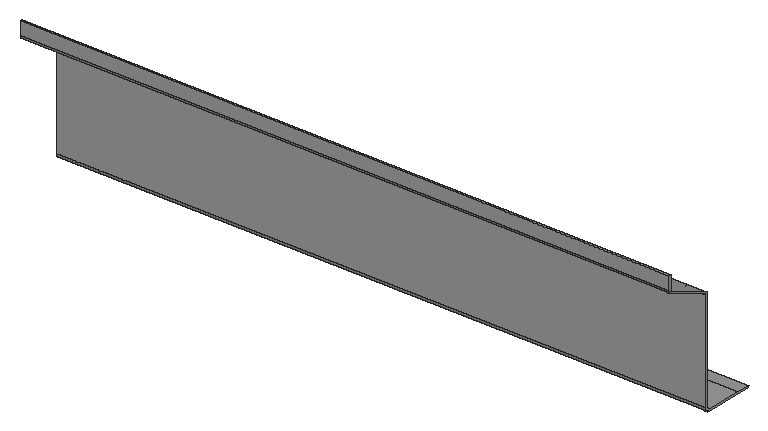
Revit family "TK 90", category Generic Models, Revit 2014
Parameters (values of type "Max lintel length 4800mm")
  URL = "http://www.keystonelintels.co.uk"
  Structural Opening [instance] = 900 mm
  Structural Performance = "The Keystone lintel range has safe working loads as detailed in each applicable loading table in the Keystone Lintel Guide brochure. The structural performance figures within each table have been ascertained by testing in accordance with the requirements of standards BS EN 5977-2: 1983 and BS EN 845-2: 2003."
  RIBA Productor Selector = "available for Keystone Lintels Ltd from Keystone Lintels Ltd from ribaproductselector.com"
  Model = "T/K 90"
  Min Length = 600 mm
  Min Clear Span = 300 mm
  Max Length = 4800 mm
  Max Clear Span = 4800 mm
  Material - Stainless Steel = "Grade 304 2b 1.4307 to BS EN 10088-2. Other grades available on request: contact manufacturer."
  Material - Galvanised Steel = "To BS EN 10346: 2009. DX51D plus Z600 or grade Z275 to BS 5977-2: 1983 (BS EN 845-2: 2003)."
  Manufacturer = "Keystone"
  Manufactured Length [instance] = (roundup(Effective Length / 150 mm) * 150 mm)  # 1200 mm
  Lintel height [instance] = 2100 mm
  Keynote = "F30/755"
  Fire Performance = "Keystone lintels have been subjected to a fire test (WARRES No. 101263) in accordance with BS 476-20: 1987, at Exova Warrington Fire and achieved a one hour fire performance."
  End Bearing = 150 mm
  Effective Length [instance] = Clear Opening with MIN MAX set + End Bearing * 2  # 1200 mm
  Corrosion = "Keystone’s standard range of lintels are manufactured from high quality grade pre-galvanized carbon steel with a zinc coating of 600"
  Contact Tel = "+44 (0)28 8676 2184"
  Contact Email = "info@keystonelintels.co.uk"
  Clear Opening with MIN MAX set [instance] = if(Structural Opening < Min Clear Span, Min Clear Span, (if(Structural Opening > Max Clear Span, Max Clear Span, Structural Opening)))  # 900 mm
  CPD Information = "Available for Keystone Lintels Ltd from ribacpd.com"
Reference planes
  plane 1 "Center (Front/Back)": y = 0
  plane 2: z = 0
  plane 3 "Center (Left/Right)": x = 0
  plane 4: x = -600
  plane 5: x = 600
  plane 6: z = 2100
  plane 7: x = -450
  plane 8: x = 450
Forms (mm)
  Extrusion 1, solid, material "Steel"
    sketch origin (0, 706.39, -447.235) x (0, 1, 0) y (0, 0, 1)
      loop
        line (-608.3, 2546.376) -> (-608.19, 2549.575) -> (-633.19, 2550.435) -> (-698.19, 2550.435)
        arc (-698.19, 2550.435) -> (-701.725, 2551.899) -> (-703.19, 2555.435) r 5
        line (-703.19, 2555.435) -> (-703.19, 2743.093)
        arc (-703.19, 2743.093) -> (-704.004, 2745.887) -> (-706.192, 2747.805) r 5.2
        line (-706.192, 2747.805) -> (-786.835, 2785.415)
        arc (-786.835, 2785.415) -> (-787.676, 2786.153) -> (-787.99, 2787.228) r 2
        line (-787.99, 2787.228) -> (-787.99, 2812.245) -> (-791.19, 2812.245) -> (-791.19, 2787.228)
        arc (-791.19, 2787.228) -> (-790.375, 2784.434) -> (-788.187, 2782.515) r 5.2
        line (-788.187, 2782.515) -> (-707.544, 2744.905)
        arc (-707.544, 2744.905) -> (-706.703, 2744.167) -> (-706.39, 2743.093) r 2
        line (-706.39, 2743.093) -> (-706.39, 2555.435)
        arc (-706.39, 2555.435) -> (-703.988, 2549.636) -> (-698.19, 2547.235) r 8.2
        line (-698.19, 2547.235) -> (-633.245, 2547.235) -> (-608.3, 2546.376)
    from -600 to 600
  Extrusion 2, solid, not visible
    sketch origin (0, 895.947, 1302.928) x (0, 1, 0) y (0, 0, 1)
      loop
        line (-608.3, 946.376) -> (-608.19, 949.575) -> (-633.19, 950.435) -> (-698.19, 950.435)
        arc (-698.19, 950.435) -> (-701.725, 951.899) -> (-703.19, 955.435) r 5
        line (-703.19, 955.435) -> (-703.19, 1143.093)
        arc (-703.19, 1143.093) -> (-704.004, 1145.887) -> (-706.192, 1147.805) r 5.2
        line (-706.192, 1147.805) -> (-786.835, 1185.415)
        arc (-786.835, 1185.415) -> (-787.676, 1186.153) -> (-787.99, 1187.228) r 2
        line (-787.99, 1187.228) -> (-787.99, 1212.245) -> (-791.19, 1212.245) -> (-791.19, 1187.228)
        arc (-791.19, 1187.228) -> (-790.375, 1184.434) -> (-788.187, 1182.515) r 5.2
        line (-788.187, 1182.515) -> (-707.544, 1144.905)
        arc (-707.544, 1144.905) -> (-706.703, 1144.167) -> (-706.39, 1143.093) r 2
        line (-706.39, 1143.093) -> (-706.39, 955.435)
        arc (-706.39, 955.435) -> (-703.988, 949.636) -> (-698.19, 947.235) r 8.2
        line (-698.19, 947.235) -> (-633.245, 947.235) -> (-608.3, 946.376)
    from 0 to 250
Dimensions and locks
  equal spacing: plane 4, plane 3 "Center (Left/Right)", plane 5
  "Manufactured Length": plane 4 to plane 5
  "Lintel height": plane 6 to level
  "Structural Opening": plane 7 to plane 8
  equal spacing: plane 7, plane 3 "Center (Left/Right)", plane 8
  aligned and locked: level to plane 2
  aligned and locked: Extrusion 1 to plane 6
  aligned and locked: plane 5 to Extrusion 1
  aligned and locked: Extrusion 1 to plane 4
Automatic sketch dimensions
  Extrusion 1 sketch curve to Extrusion 1 sketch curve = 24.945 mm
  Extrusion 1 sketch curve to Extrusion 1 sketch curve = 0.11 mm
  Extrusion 1 sketch curve to Extrusion 1 sketch curve = 0.858 mm
  Extrusion 1 sketch curve to Extrusion 1 sketch curve = 0.055 mm
  Extrusion 1 sketch curve to Extrusion 1 sketch curve = 65 mm
  Extrusion 1 sketch curve to Extrusion 1 sketch curve = 0 mm  (x10)
  Extrusion 1 sketch curve to Extrusion 1 sketch curve = 5 mm
  Extrusion 1 sketch curve to Extrusion 1 sketch curve = 187.658 mm
  Extrusion 1 sketch curve to Extrusion 1 sketch curve = 2 mm
  Extrusion 1 sketch curve to Extrusion 1 sketch curve = 0.845 mm  (x2)
  Extrusion 1 sketch curve to Extrusion 1 sketch curve = 1.352 mm
  Extrusion 1 sketch curve to Extrusion 1 sketch curve = 80.643 mm
  Extrusion 1 sketch curve to Extrusion 1 sketch curve = 37.61 mm
  Extrusion 1 sketch curve to Extrusion 1 sketch curve = 1.353 mm
  Extrusion 1 sketch curve to Extrusion 1 sketch curve = 2.9 mm
  Extrusion 1 sketch curve to Extrusion 1 sketch curve = 1.813 mm
  Extrusion 1 sketch curve to Extrusion 1 sketch curve = 25.017 mm
  Extrusion 2 sketch curve to Extrusion 2 sketch curve = 24.945 mm
  Extrusion 2 sketch curve to Extrusion 2 sketch curve = 0.11 mm
  Extrusion 2 sketch curve to Extrusion 2 sketch curve = 0.858 mm
  Extrusion 2 sketch curve to Extrusion 2 sketch curve = 0.055 mm
  Extrusion 2 sketch curve to Extrusion 2 sketch curve = 65 mm
  Extrusion 2 sketch curve to Extrusion 2 sketch curve = 0 mm  (x10)
  Extrusion 2 sketch curve to Extrusion 2 sketch curve = 5 mm
  Extrusion 2 sketch curve to Extrusion 2 sketch curve = 187.658 mm
  Extrusion 2 sketch curve to Extrusion 2 sketch curve = 2 mm
  Extrusion 2 sketch curve to Extrusion 2 sketch curve = 0.845 mm  (x2)
  Extrusion 2 sketch curve to Extrusion 2 sketch curve = 1.352 mm
  Extrusion 2 sketch curve to Extrusion 2 sketch curve = 80.643 mm
  Extrusion 2 sketch curve to Extrusion 2 sketch curve = 37.61 mm
  Extrusion 2 sketch curve to Extrusion 2 sketch curve = 1.353 mm
  Extrusion 2 sketch curve to Extrusion 2 sketch curve = 2.9 mm
  Extrusion 2 sketch curve to Extrusion 2 sketch curve = 1.813 mm
  Extrusion 2 sketch curve to Extrusion 2 sketch curve = 25.017 mm
  Extrusion 1 sketch curve to plane 1 "Center (Front/Back)" = 0 mm
  Extrusion 1 sketch curve to plane 6 = 0 mm
